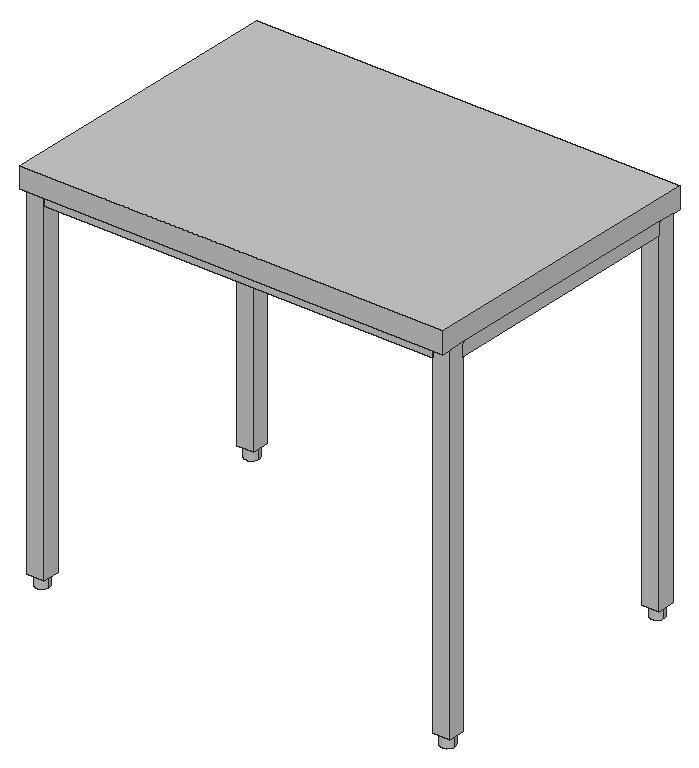
Revit family "QF_ELECTROLUXPROFESSIONAL_134000_GTG1000E", category Attrezzature speciali, Revit 2020
Family settings
  Quota connettore circolare = Usa diametro
  Tipo di parte = Normale
  Basato su piano di lavoro = No
  Sempre verticale = Sì
  Taglio con vuoti quando caricato = No
  Condiviso = No
  Punto di calcolo locali = No
Parameters (values of type "Standard")
  Weight = 31.50 kg
  Watts = 0 W
  Volts = 0 V
  URL Manufacturer = "https://www.electroluxprofessional.com/"
  URL = "https://www.electroluxprofessional.com/"
  Steam Supply Size = 0 mm
  Steam Supply Minimum Pressure = 0.0 Pa
  Steam Supply Maximum Pressure = 0.0 Pa
  Steam Consumption per Hour = 0
  Refrigeration Suction Line Size = 0.0 mm
  Refrigeration Liquid Line Size = 0.0 mm
  Refrigerant Compressor Remote = yes
  Prospetto di default = 0.0 mm
  Produttore = "Electrolux Professional"
  Phase = 0
  Modello = "GTG1000E"
  Length Actual = 1000.0 mm  # constant formula
  Item Number = "134000"
  Hot Water Size = 0 mm
  Height Actual = 900.0 mm  # constant formula
  HP = "0 HP"
  Gas Size = 0 mm
  Gas KW = 0
  Gas Input Pressure = 0 W
  Direct Waste Size = 0 mm
  Descrizione = "WORK TABLE 1000 MM"
  Depth Actual = 700.0 mm  # constant formula
  Cycle = 0 Hz
  Condensate Return Size = 0 mm
  Compressed Air Volume = 0.0 L/s
  Compressed Air Size = 0 mm
  Compressed Air Pressure = 0.0 Pa
  Cold Water Size = 0 mm
  Accessory = yes
Reference planes
  plane 1 "Center (Front/Back)": y = 0
  plane 2: z = 0
  plane 3 "Center (Left/Right)": x = 0
  plane 4 "LEFT": x = -500
  plane 5 "RIGHT": x = 500
  plane 6 "BACK": y = 350
  plane 7 "FRONT": y = -350
  plane 8 "Base": z = 850
  plane 9 "TOP": z = 900
  plane 10: x = -480
  plane 11: x = 480
  plane 12: y = 310
  plane 13: y = -310
  plane 14 "TRAVERSI": z = 820
  plane 15: x = -460
  plane 16: x = 460
  plane 17: y = 290
  plane 18: y = -290
  plane 19: y = 330
  plane 20: y = -330
Forms (mm)
  Extrusion 1, solid, material "QF_Finishes_Stainless Steel"
    sketch origin (0, 0, 0) x (0, 1, 0) y (0, 0, 1)
      loop
        line (-350, 850) -> (350, 850) -> (350, 900) -> (-350, 900) -> (-350, 850)
    from 500 to -500
  Extrusion 2, solid, material "QF_Finishes_Stainless Steel"
    sketch origin (0, 0, 820) x (0, 1, 0) y (-1, 0, 0)
      loop
        line (290, -460) -> (-290, -460) -> (-290, -500) -> (290, -500) -> (290, -460)
      loop
        line (290, 500) -> (-290, 500) -> (-290, 460) -> (290, 460) -> (290, 500)
    from 0 to 30
  Extrusion 3, solid, material "QF_Finishes_Stainless Steel"
    sketch origin (0, 0, 820) x (0, 1, 0) y (-1, 0, 0)
      loop
        line (330, -460) -> (330, 460) -> (290, 460) -> (290, -460) -> (330, -460)
      loop
        line (-290, 460) -> (-330, 460) -> (-330, -460) -> (-290, -460) -> (-290, 460)
    from 0 to 30
Lines and regions (mm)
  symbolic lines
    curve 1: line (500, 350, 900) -> (-500, 350, 900)
    curve 2: line (-500, 350, 900) -> (-500, -350, 900)
    curve 3: line (-500, -350, 900) -> (500, -350, 900)
    curve 4: line (500, -350, 900) -> (500, 350, 900)
Dimensions and locks
  plane 4 "LEFT" to plane 5 "RIGHT" = 1000.0 mm
  equal spacing: plane 4 "LEFT", plane 3 "Center (Left/Right)", plane 5 "RIGHT"
  locked: plane 8 "Base" to level at 850
  plane 4 "LEFT" to plane 10 = 20.0 mm
  plane 11 to plane 5 "RIGHT" = 20.0 mm
  plane 10 to plane 11 = 960.0 mm
  locked: plane 9 "TOP" to level at 900
  plane 6 "BACK" to plane 12 = 40.0 mm
  plane 13 to plane 7 "FRONT" = 40.0 mm
  plane 6 "BACK" to plane 7 "FRONT" = 700.0 mm
  plane 12 to plane 13 = 620.0 mm
  equal spacing: plane 6 "BACK", plane 1 "Center (Front/Back)", plane 7 "FRONT"
  plane 8 "Base" to plane 14 "TRAVERSI" = 30.0 mm
  locked: plane 10 to plane 15 at 20
  locked: plane 16 to plane 11 at 20
  locked: plane 19 to plane 12 at 20
  locked: plane 12 to plane 17 at 20
  locked: plane 18 to plane 13 at 20
  locked: plane 13 to plane 20 at 20
  aligned and locked: level to plane 2
  aligned and locked: plane 10 to nested 1
  aligned and locked: nested 1 to plane 13
  aligned and locked: plane 11 to nested 2
  aligned and locked: nested 2 to plane 13
  aligned and locked: plane 11 to nested 4
  aligned and locked: nested 4 to plane 12
  aligned and locked: plane 10 to nested 3
  aligned and locked: nested 3 to plane 12
  aligned and locked: Extrusion 1 to plane 4 "LEFT"
  aligned and locked: plane 5 "RIGHT" to Extrusion 1
  aligned and locked: curve 2 to plane 4 "LEFT"
  aligned and locked: Extrusion 2 sketch curve to plane 5 "RIGHT"
  aligned and locked: Extrusion 2 sketch curve to plane 17  (x2)
  aligned and locked: plane 16 to Extrusion 2 sketch curve
  aligned and locked: plane 18 to Extrusion 2 sketch curve  (x2)
  aligned and locked: plane 4 "LEFT" to Extrusion 2 sketch curve
  aligned and locked: Extrusion 2 sketch curve to plane 15
  aligned and locked: plane 19 to Extrusion 3 sketch curve
  aligned and locked: Extrusion 3 sketch curve to plane 17
  aligned and locked: Extrusion 3 sketch curve to plane 18
  aligned and locked: plane 20 to Extrusion 3 sketch curve
  aligned and locked: Extrusion 3 sketch curve to plane 15
  aligned and locked: plane 15 to Extrusion 3 sketch curve
  aligned and locked: plane 16 to Extrusion 3 sketch curve
  aligned and locked: Extrusion 3 sketch curve to plane 16
Automatic sketch dimensions
  Extrusion 1 sketch curve to plane 7 "FRONT" = 0.0 mm
  Extrusion 1 sketch curve to plane 8 "Base" = 0.0 mm
  curve 3 to plane 7 "FRONT" = 0.0 mm
  curve 4 to plane 6 "BACK" = 0.0 mm
  Extrusion 1 sketch curve to plane 9 "TOP" = 0.0 mm
  Extrusion 1 sketch curve to plane 6 "BACK" = 0.0 mm
  curve 4 to plane 5 "RIGHT" = 0.0 mm
Nested families
  nested 1: "FEET_40x40_R" at (-480, -310, 0), type "FEET_40x40_R"
  nested 2: "FEET_40x40_R" at (480, -310, 0), type "FEET_40x40_R"
  nested 3: "FEET_40x40_R" at (-480, 310, 0), type "FEET_40x40_R"
  nested 4: "FEET_40x40_R" at (480, 310, 0), type "FEET_40x40_R"
Definition of nested family "FEET_40x40_R"
  Parameters
    Default Elevation = 0.0 mm
    FEET = 850.0 mm
  Reference planes
    plane 1 "Center (Front/Back)": y = 0
    plane 2: z = 0
    plane 3 "Center (Left/Right)": x = 0
    plane 4: z = 850
  Forms (mm)
    Extrusion 1, solid
      sketch origin (0, 0, 0) x (1, 0, 0) y (0, 1, 0)
        loop
          line (-20, -20) -> (20, -20) -> (20, 20) -> (-20, 20) -> (-20, -20)
      from 25 to 850
    Extrusion 2, solid
      sketch origin (0, 0, 0) x (1, 0, 0) y (0, 1, 0)
        loop
          circle (0, 0) r 16
      from 0 to 25
  Lines and regions (mm)
    symbolic lines
      curve 1: line (0, -1.503, 0) -> (0, 1.508, 0)
      curve 2: line (1.561, 0, 0) -> (-1.439, 0, 0)
  Dimensions and locks
    "FEET": plane 4 to plane 2
    aligned and locked: level to plane 2
  Automatic sketch dimensions
    Extrusion 1 sketch curve to plane 3 "Center (Left/Right)" = 20.0 mm
    plane 3 "Center (Left/Right)" to Extrusion 1 sketch curve = 20.0 mm
    plane 1 "Center (Front/Back)" to Extrusion 1 sketch curve = 20.0 mm
    Extrusion 1 sketch curve to plane 1 "Center (Front/Back)" = 20.0 mm
    plane 1 "Center (Front/Back)" to Extrusion 2 sketch curve = 0.0 mm
    Extrusion 2 sketch curve to plane 3 "Center (Left/Right)" = 0.0 mm
    plane 1 "Center (Front/Back)" to curve 2 = 0.0 mm
    curve 1 to plane 3 "Center (Left/Right)" = 0.0 mm
    curve 2 to plane 3 "Center (Left/Right)" = 1.439 mm
    plane 3 "Center (Left/Right)" to curve 2 = 1.561 mm
    plane 1 "Center (Front/Back)" to curve 1 = 1.503 mm
    curve 1 to plane 1 "Center (Front/Back)" = 1.508 mm
    radius of Extrusion 2 sketch curve = 16.0 mm
